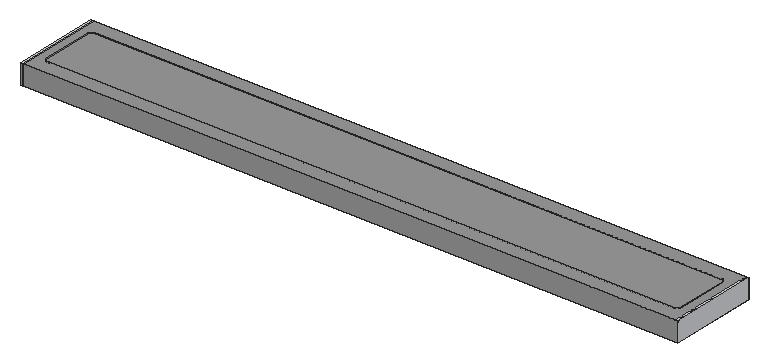
Revit family "2021703", category Lighting Fixtures, host Face, Revit 2018
Family settings
  Host = Face
  Round Connector Dimension = Use Diameter
  Part Type = Normal
  OmniClass Number = 23.80.70.00
  OmniClass Title = Lighting
  Cut with Voids When Loaded = No
  Light Source = Yes
  Shared = No
  Room Calculation Point = No
Parameters (values of type "2021703 OPTIX S 1500 MPO D 4K EM")
  spacer height = 5 mm
  spacer centres = 1000 mm
  lens width = 1135 mm
  full length = 1500 mm
  Width = 200 mm
  Weight = "n/a"
  Wattage Comments = ""
  Wattage = 9.2903 W
  WarrantyStartDate [instance] = "n/a"
  WarrantyGuarantorParts = "n/a"
  WarrantyDurationUnit = "n/a"
  WarrantyDurationParts = ""
  WarrantyDescription = "http://www.sylvania-lighting.com"
  built-in parameter 1150110 = 1 (stored number, unit not read)
  Voltage = 0 V
  URL = "1"
  TypeName = "OPTIX SURFACE 1500 MPO D 4000K EM"
  Type Image = <None>
  Type Comments = "n/a"
  built-in parameter 1114217 = 1 (stored number, unit not read)
  Tilt Angle = 90.00°
  built-in parameter 1150109 = 1 (stored number, unit not read)
  built-in parameter 1150134 = 3
  built-in parameter 1150113 = 1 (stored number, unit not read)
  SerialNumber [instance] = "n/a"
  Photometric Web File = "2021703.ies"
  Material_3_FEILO = none
  PowerFactor = 0
  PowerConsumption = "Lighting"
  NominalLength = 200 mm
  NominalHeight = 0 mm
  NominalDepth = 0 mm
  Name = "OPTIX SURFACE 1500 MPO D 4000K EM"
  ModelReference = Name  # "OPTIX SURFACE 1500 MPO D 4000K EM"
  ModelNumber = "2021703"
  Model = Name  # "OPTIX SURFACE 1500 MPO D 4000K EM"
  Material = "Feilo Sylvania"
  ManufacturerName = "114 lm/W"
  Manufacturer = ""
  LuminousEfficacy = ""
  built-in parameter 1150105 = 109.82 (stored number, unit not read)
  Lumens = 1380 lm
  LuminaireType = "0"
  built-in parameter 1150115 = 1 (stored number, unit not read)
  LightOutputRatio = "LED"
  built-in parameter 1150137 = (empty or 0)
  built-in parameter 1150139 = (empty or 0)
  Lens Width = 135 mm
  Length = 1188 mm
  LampsType = Lamp  # "n/a"
  LampNominalLuminous = "4000 K"
  LampMacAdamStep = "80"
  LampColourTemperature = "LED"
  LampColourRenderingIndex = "16500"
  built-in parameter 1150112 = 1 (stored number, unit not read)
  built-in parameter 1150114 = 1 (stored number, unit not read)
  Lamp = "n/a"
  Keynote = "n/a"
  InstallationDate [instance] = "n/a"
  InputVoltage = "0"
  InputNominalFrequency = "4000"
  built-in parameter 1150132 = (empty or 0)
  built-in parameter 1150102 = (empty or 0)
  built-in parameter 1150107 = 3200 (stored number, unit not read)
  built-in parameter 1150138 = (empty or 0)
  IngressProtection = "IfcLightFixtureType"
  ImpactProtectionIndex = "IfcLightFixtureType"
  built-in parameter 1150106 = 1.0982 (stored number, unit not read)
  IfcExportType = "IfcLightFixtureType"
  IfcExportAs = "Class I"
  Height = 50 mm
  ExpectedLife = 50000
  Emit from Circle Diameter = 609.6 mm
  Emit Shape Visible in Rendering = no
  ElectricShockClassification = "114"
  built-in parameter 1150104 = 13.8 (stored number, unit not read)
  DurationUnit = "hours"
  DocumentationLiterature = "http://www.sylvania-lighting.com/product/en-int/products/2021703"
  DimmingControlOptions = "n/a"
  Material_2_FEILO = none
  Dimming Lamp Color Temperature Shift = <None>
  Description = "OPTIX SURFACE 1500 MPO D 4000K EM is a high efficacy low glare surface or suspended LED Linear luminaire with Micro Prismatic diffuser, with direct light distribution, luminaire dimensions: 1500x200x50mm, Sylvania White body colour (RAL9016), IP20, IK07, Constant current driver, 3hr maintained emergency version, low LED flicker (+/-5%), Neutral White (4000K) LED Colour Temperature, 4350lm luminous flux, 38W power consumption, 114lm/W system efficacy, CRI>80, SDCM 3 (3-step MacAdam ellipse) LED Colour Consistency, UGR<20, Luminance at 65° < 3000 cd/m2, lumen maintenance: L90B50 at 71000h, photobiological safety risk group 1. Electrical protection Class I."
  Default Elevation = 1219.2 mm
  CreatedOn = "31/01/2022"
  CreatedBy = "@sylvania-lighting.com"
  Cost = 0
  Color Filter = 16777215
  built-in parameter 1114216 [instance] = (empty or 0)
  ClassificationValue = "EF_70_80"
  ClassificationName = "Uniclass2015"
  Material_1_FEILO = none
  BarCode [instance] = "n/a"
  built-in parameter 1114218 = 1 (stored number, unit not read)
  built-in parameter 1150133 = 10 (stored number, unit not read)
  AssetType = "Fixed"
  AssetIdentifier [instance] = "n/a"
  Assembly Code = "D5020200"
  Apparent Load = 38 VA
  Material_4_FEILO = none
Reference planes
  plane 1 "Center (Front/Back)": y = 0
  plane 2: z = 0
  plane 3 "Center (Left/Right)": x = 0
  plane 4: z = 0
  plane 5: z = 50
  plane 6: y = 100
  plane 7: y = -100
  plane 8: x = -594
  plane 9: x = 594
  plane 10: z = 5
  plane 11: x = -500
  plane 12: x = 500
  plane 13: y = 10
  plane 14: y = -10
  plane 15: x = 487.5
  plane 16: x = 512.5
  plane 17: x = -512.5
  plane 18: x = -487.5
  plane 19: x = -567.5
  plane 20: x = 567.5
  plane 21: y = 67.5
  plane 22: y = -67.5
  plane 23: x = -557.5
  plane 24: y = 57.5
  plane 25: y = -57.5
  plane 26: x = 557.5
  plane 27: x = -750
  plane 28: x = 750
  plane 29: x = -700.314
  plane 30: x = 723.5
  plane 31: x = -671.814
  plane 32: x = 695
  plane 33: x = -744
  plane 34: x = 744
Forms (mm)
  Extrusion 1, solid, material "Aluminum 1100-H18", detail levels medium+fine
    sketch origin (4.2, 0, 0) x (1, 0, 0) y (0, 1, 0)
      loop
        line (-754.2, 100) -> (-754.2, -100) -> (745.8, -100) -> (745.8, 100) -> (-754.2, 100)
    from 5 to 50
  Extrusion 2, solid
    sketch origin (186.707, 0, 0) x (1, 0, 0) y (0, 1, 0)
      loop
        line (483.3, 10) -> (483.3, -10) -> (508.3, -10) -> (508.3, 10) -> (483.3, 10)
    from 0 to 5
  Extrusion 3, solid
    sketch origin (-155.18, 0, 0) x (1, 0, 0) y (0, 1, 0)
      loop
        line (-516.7, 10) -> (-516.7, -10) -> (-491.7, -10) -> (-491.7, 10) -> (-516.7, 10)
    from 0 to 5
  Extrusion 4, void, detail levels fine
    sketch origin (4.2, 0, 0) x (0, 1, 0) y (1, 0, 0)
      loop
        line (67.5, -717.7) -> (67.5, 709.3)
        arc (67.5, 709.3) -> (64.571, 716.371) -> (57.5, 719.3) r 10
        line (57.5, 719.3) -> (-57.5, 719.3)
        arc (-57.5, 719.3) -> (-64.571, 716.371) -> (-67.5, 709.3) r 10
        line (-67.5, 709.3) -> (-67.5, -717.7)
        arc (-67.5, -717.7) -> (-64.571, -724.771) -> (-57.5, -727.7) r 10
        line (-57.5, -727.7) -> (57.5, -727.7)
        arc (57.5, -727.7) -> (64.571, -724.771) -> (67.5, -717.7) r 10
    from -50 to -48
  Extrusion 5, solid, detail levels medium+fine
    sketch origin (4.2, 0, 0) x (1, 0, 0) y (0, 1, 0)
      loop
        line (-754.2, 100) -> (-754.2, -100) -> (-748.2, -100) -> (-748.2, 100) -> (-754.2, 100)
    from 5 to 50
  Extrusion 6, solid, detail levels medium+fine
    sketch origin (4.2, 0, 0) x (1, 0, 0) y (0, 1, 0)
      loop
        line (739.8, 100) -> (739.8, -100) -> (745.8, -100) -> (745.8, 100) -> (739.8, 100)
    from 5 to 50
  Extrusion 7, solid, material "Glass, White, High Luminance", detail levels fine
    sketch origin (4.2, 0, 0) x (1, 0, 0) y (0, 1, 0)
      loop
        arc (-717.7, 67.5) -> (-724.771, 64.571) -> (-727.7, 57.5) r 10
        line (-727.7, 57.5) -> (-727.7, -57.5)
        arc (-727.7, -57.5) -> (-724.771, -64.571) -> (-717.7, -67.5) r 10
        line (-717.7, -67.5) -> (709.3, -67.5)
        arc (709.3, -67.5) -> (716.371, -64.571) -> (719.3, -57.5) r 10
        line (719.3, -57.5) -> (719.3, 57.5)
        arc (719.3, 57.5) -> (716.371, 64.571) -> (709.3, 67.5) r 10
        line (709.3, 67.5) -> (-717.7, 67.5)
    from 48 to 49.5
  Extrusion 8, solid, detail levels coarse
    sketch origin (4.2, 0, 0) x (1, 0, 0) y (0, 1, 0)
      loop
        line (-754.2, 100) -> (-754.2, -100) -> (745.8, -100) -> (745.8, 100) -> (-754.2, 100)
    from 0 to 50
Cuts and joins
  Extrusion 4 cuts Extrusion 2
  Extrusion 4 cuts Extrusion 3
  Extrusion 4 cuts Extrusion 1
Dimensions and locks
  "Width": plane 6 to plane 7
  equal spacing: plane 6, plane 1 "Center (Front/Back)", plane 7
  "Length": plane 8 to plane 9
  equal spacing: plane 8, plane 3 "Center (Left/Right)", plane 9
  "spacer height": plane 10 to host face
  "Height": plane 5 to level
  "spacer centres": plane 11 to plane 12
  equal spacing: plane 11, plane 3 "Center (Left/Right)", plane 12
  "lens width": plane 19 to plane 20
  equal spacing: plane 19, plane 3 "Center (Left/Right)", plane 20
  "Lens Width": plane 21 to plane 22
  equal spacing: plane 21, plane 1 "Center (Front/Back)", plane 22
  "full length": plane 27 to plane 28
  equal spacing: plane 27, plane 3 "Center (Left/Right)", plane 28
  aligned and locked: plane 2 to host face
  aligned and locked: level to host face
Automatic sketch dimensions
  host sketch curve to host sketch curve = 2438.4 mm  (x2)
  Extrusion 1 sketch curve to plane 7 = 0 mm
  Extrusion 1 sketch curve to plane 8 = 156 mm
  plane 9 to Extrusion 1 sketch curve = 156 mm
  Extrusion 1 sketch curve to plane 6 = 0 mm
  Extrusion 2 sketch curve to plane 14 = 0 mm
  plane 15 to Extrusion 2 sketch curve = 182.507 mm
  plane 16 to Extrusion 2 sketch curve = 182.507 mm
  Extrusion 2 sketch curve to plane 13 = 0 mm
  Extrusion 3 sketch curve to plane 14 = 0 mm
  Extrusion 3 sketch curve to plane 17 = 159.38 mm
  Extrusion 3 sketch curve to plane 18 = 159.38 mm
  Extrusion 3 sketch curve to plane 13 = 0 mm
  Extrusion 4 sketch curve to plane 22 = 0 mm
  Extrusion 4 sketch curve to plane 19 = 156 mm
  Extrusion 4 sketch curve to plane 25 = 0 mm  (x2)
  plane 20 to Extrusion 4 sketch curve = 156 mm
  Extrusion 4 sketch curve to plane 24 = 0 mm  (x2)
  Extrusion 4 sketch curve to plane 23 = 156 mm
  Extrusion 5 sketch curve to plane 7 = 0 mm
  Extrusion 5 sketch curve to plane 27 = 0 mm
  Extrusion 5 sketch curve to plane 8 = 150 mm
  Extrusion 5 sketch curve to plane 6 = 0 mm
  Extrusion 6 sketch curve to plane 7 = 0 mm
  plane 9 to Extrusion 6 sketch curve = 150 mm
  Extrusion 6 sketch curve to plane 28 = 0 mm
  Extrusion 6 sketch curve to plane 6 = 0 mm
  Extrusion 7 sketch curve to plane 23 = 156 mm  (x2)
  Extrusion 7 sketch curve to plane 21 = 0 mm
  Extrusion 7 sketch curve to plane 22 = 0 mm
  plane 26 to Extrusion 7 sketch curve = 156 mm  (x2)
  plane 20 to Extrusion 7 sketch curve = 156 mm
  Extrusion 7 sketch curve to plane 24 = 0 mm
  Extrusion 8 sketch curve to plane 7 = 0 mm
  Extrusion 8 sketch curve to plane 27 = 0 mm
  Extrusion 8 sketch curve to plane 28 = 0 mm
  Extrusion 8 sketch curve to plane 6 = 0 mm
Connectors
  electrical at (0, 0, 0), driven by "Apparent Load", driven by "PowerFactor", driven by "Voltage"
    settings: index 1, voltage 0 V, apparent load 38 VA, apparent load phase1 0 VA, apparent load phase2 0 VA, apparent load phase3 0 VA, power factor 0, load classification "Lighting", number of poles 1, system type 30, power factor state 1, is connector primary yes, connector utility no, sub classification motor no, connector description ""
